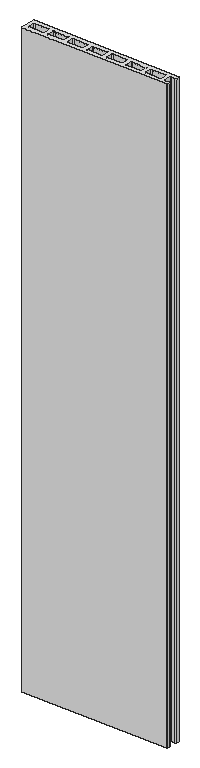
Revit family "ECP_MNH-5050A(オス側カット)", category 一般モデル, Revit 2022
Family settings
  鉄筋をホスト可能 = いいえ
  丸型コネクタ寸法 = 直径を使用
  パーツ タイプ = 標準
  作業面ベース = いいえ
  常に垂直 = はい
  ロード時にボイドで切り取り = はい
  注釈の向きを維持 = いいえ
  共有 = いいえ
  部屋計算ポイント = いいえ
Parameters (values of type "ECP_MNH-5050A")
  長さ [instance] = 2000 mm
  穴表示 = yes
  材質 = 40Msr_ECP
  既定の高さ = 0 mm
  既存長さ = 500 mm
  幅 [instance] = 490 mm
  固定寸法 = 490 mm
  厚さ = 50 mm
  オス側カット [instance] = 固定寸法 - 幅  # 0 mm
  4 オス側カット [instance] = yes
Reference planes
  plane 1 "中心(正面/背面)": y = 0
  plane 2: z = 0
  plane 3 "中心(左/右)": x = 0
  plane 4: y = -25
  plane 5: y = 25
  plane 6: z = 2000
  plane 7: x = 490
  plane 8: x = 0
Forms (mm)
  Extrusion 1, solid, material "40Msr_ECP" <- "材質", detail levels fine
    sketch origin (0, 0, 0) x (1, 0, 0) y (0, 1, 0)
      loop
        line (0, -23) -> (2, -25) -> (488, -25) -> (490, -23) -> (490, -15)
        arc (490, -15) -> (489.121, -12.879) -> (487, -12) r 3
        line (487, -12) -> (473, -12)
        arc (473, -12) -> (470.879, -11.121) -> (470, -9) r 3
        line (470, -9) -> (470, 9)
        arc (470, 9) -> (470.879, 11.121) -> (473, 12) r 3
        line (473, 12) -> (487, 12)
        arc (487, 12) -> (489.121, 12.879) -> (490, 15) r 3
        line (490, 15) -> (490, 23) -> (488, 25) -> (2, 25) -> (0, 23) -> (0, 13)
        arc (0, 13) -> (-0.879, 10.879) -> (-3, 10) r 3
        line (-3, 10) -> (-17, 10)
        arc (-17, 10) -> (-19.121, 9.121) -> (-20, 7) r 3
        line (-20, 7) -> (-20, -7)
        arc (-20, -7) -> (-19.121, -9.121) -> (-17, -10) r 3
        line (-17, -10) -> (-3, -10)
        arc (-3, -10) -> (-0.879, -10.879) -> (0, -13) r 3
        line (0, -13) -> (0, -23)
    from 0 to 2000
  Extrusion 2, void
    sketch origin (-50, 0, 0) x (1, 0, 0) y (0, 1, 0)
      loop
        line (50, -25) -> (50, 25) -> (30, 25) -> (30, -25) -> (50, -25)
    from 0 to 2000
  Extrusion 3, void
    sketch origin (-617, 0, 0) x (1, 0, 0) y (0, 1, 0)
      loop
        line (632.249, -12) -> (678.75, -12)
        arc (678.75, -12) -> (680.871, -11.121) -> (681.75, -9) r 3
        line (681.75, -9) -> (681.75, 9)
        arc (681.75, 9) -> (680.871, 11.121) -> (678.75, 12) r 3
        line (678.75, 12) -> (632.249, 12)
        arc (632.249, 12) -> (630.128, 11.121) -> (629.249, 9) r 3
        line (629.249, 9) -> (629.249, -9)
        arc (629.249, -9) -> (630.128, -11.121) -> (632.249, -12) r 3
      loop
        line (697.75, -12) -> (744.25, -12)
        arc (744.25, -12) -> (746.372, -11.121) -> (747.25, -9) r 3
        line (747.25, -9) -> (747.25, 9)
        arc (747.25, 9) -> (746.372, 11.121) -> (744.25, 12) r 3
        line (744.25, 12) -> (697.75, 12)
        arc (697.75, 12) -> (695.629, 11.121) -> (694.75, 9) r 3
        line (694.75, 9) -> (694.75, -9)
        arc (694.75, -9) -> (695.629, -11.121) -> (697.75, -12) r 3
      loop
        line (763.25, -12) -> (809.75, -12)
        arc (809.75, -12) -> (811.871, -11.121) -> (812.75, -9) r 3
        line (812.75, -9) -> (812.75, 9)
        arc (812.75, 9) -> (811.871, 11.121) -> (809.75, 12) r 3
        line (809.75, 12) -> (763.25, 12)
        arc (763.25, 12) -> (761.129, 11.121) -> (760.25, 9) r 3
        line (760.25, 9) -> (760.25, -9)
        arc (760.25, -9) -> (761.129, -11.121) -> (763.25, -12) r 3
      loop
        line (828.75, -12) -> (875.25, -12)
        arc (875.25, -12) -> (877.372, -11.121) -> (878.25, -9) r 3
        line (878.25, -9) -> (878.25, 9)
        arc (878.25, 9) -> (877.372, 11.121) -> (875.25, 12) r 3
        line (875.25, 12) -> (828.75, 12)
        arc (828.75, 12) -> (826.629, 11.121) -> (825.75, 9) r 3
        line (825.75, 9) -> (825.75, -9)
        arc (825.75, -9) -> (826.629, -11.121) -> (828.75, -12) r 3
      loop
        line (894.25, -12) -> (940.75, -12)
        arc (940.75, -12) -> (942.872, -11.121) -> (943.75, -9) r 3
        line (943.75, -9) -> (943.75, 9)
        arc (943.75, 9) -> (942.872, 11.121) -> (940.75, 12) r 3
        line (940.75, 12) -> (894.25, 12)
        arc (894.25, 12) -> (892.129, 11.121) -> (891.25, 9) r 3
        line (891.25, 9) -> (891.25, -9)
        arc (891.25, -9) -> (892.129, -11.121) -> (894.25, -12) r 3
      loop
        line (959.75, -12) -> (1006.25, -12)
        arc (1006.25, -12) -> (1008.372, -11.121) -> (1009.25, -9) r 3
        line (1009.25, -9) -> (1009.25, 9)
        arc (1009.25, 9) -> (1008.372, 11.121) -> (1006.25, 12) r 3
        line (1006.25, 12) -> (959.75, 12)
        arc (959.75, 12) -> (957.629, 11.121) -> (956.75, 9) r 3
        line (956.75, 9) -> (956.75, -9)
        arc (956.75, -9) -> (957.629, -11.121) -> (959.75, -12) r 3
      loop
        line (1025.25, -12) -> (1071.749, -12)
        arc (1071.749, -12) -> (1073.871, -11.121) -> (1074.749, -9) r 3
        line (1074.749, -9) -> (1074.749, 9)
        arc (1074.749, 9) -> (1073.871, 11.121) -> (1071.749, 12) r 3
        line (1071.749, 12) -> (1025.25, 12)
        arc (1025.25, 12) -> (1023.129, 11.121) -> (1022.25, 9) r 3
        line (1022.25, 9) -> (1022.25, -9)
        arc (1022.25, -9) -> (1023.129, -11.121) -> (1025.25, -12) r 3
    from 0 to 2000
Cuts and joins
  Extrusion 2, Extrusion 3 cuts Extrusion 1
Lines and regions (mm)
  symbolic lines, style "ECPパネル", detail levels coarse+medium
    curve 1: line (0, 25, 0) -> (490, 25, 0)
    curve 2: line (0, -25, 0) -> (0, 25, 0)
    curve 3: line (490, -25, 0) -> (0, -25, 0)
    curve 4: line (490, 25, 0) -> (490, -25, 0)
    curve 5: line (0, 0, 0) -> (490, 0, 0)
    curve 6: line (0, 0, 2000) -> (0, 0, 0)
    curve 7: line (490, 0, 2000) -> (0, 0, 2000)
    curve 8: line (490, 0, 0) -> (490, 0, 2000)
    curve 9: line (0, -25, 2000) -> (0, 25, 2000)
    curve 10: line (0, -25, 0) -> (0, -25, 2000)
    curve 11: line (0, 25, 0) -> (0, -25, 0)
    curve 12: line (0, 25, 2000) -> (0, 25, 0)
Dimensions and locks
  "厚さ": plane 4 to plane 5
  "長さ": plane 6 to level
  equal spacing: plane 4, plane 1 "中心(正面/背面)", plane 5
  "長さ": cut or joined group of Extrusion 1, Extrusion 2, Extrusion 3 to level
  "長さ": Extrusion 2 to level
  "幅": cut or joined group of Extrusion 1, Extrusion 2, Extrusion 3 to curve 8
  "長さ": level to Extrusion 3
  "固定寸法": plane 3 "中心(左/右)" to cut or joined group of Extrusion 1, Extrusion 2, Extrusion 3
  "オス側カット": plane 3 "中心(左/右)" to Extrusion 2 sketch curve
  "幅": plane 8 to plane 7
  Extrusion 2 sketch curve to plane 7 = 490 mm
  aligned and locked: level to plane 2
Automatic sketch dimensions
  curve 11 to level = 0 mm
  curve 11 to plane 4 = 0 mm
  curve 11 to plane 5 = 0 mm
  curve 10 to plane 6 = 0 mm
  curve 7 to plane 3 "中心(左/右)" = 0 mm
  curve 5 to level = 0 mm
  curve 7 to plane 6 = 0 mm
  Extrusion 1 sketch curve to plane 3 "中心(左/右)" = 0 mm  (x2)
  plane 5 to Extrusion 1 sketch curve = 0 mm
  plane 4 to Extrusion 1 sketch curve = 0 mm
  Extrusion 1 sketch curve to plane 3 "中心(左/右)" = 3 mm  (x2)
  Extrusion 1 sketch curve to Extrusion 1 sketch curve = 14 mm  (x4)
  Extrusion 1 sketch curve to Extrusion 1 sketch curve = 3 mm  (x3)
  plane 3 "中心(左/右)" to Extrusion 1 sketch curve = 2 mm  (x2)
  plane 1 "中心(正面/背面)" to Extrusion 1 sketch curve = 9 mm
  Extrusion 1 sketch curve to Extrusion 1 sketch curve = 1 mm  (x2)
  Extrusion 1 sketch curve to Extrusion 1 sketch curve = 2 mm  (x2)
  Extrusion 1 sketch curve to plane 4 = 2 mm  (x2)
  Extrusion 1 sketch curve to Extrusion 1 sketch curve = 10 mm
  Extrusion 1 sketch curve to plane 1 "中心(正面/背面)" = 7 mm
  Extrusion 1 sketch curve to plane 1 "中心(正面/背面)" = 9 mm
  plane 5 to Extrusion 1 sketch curve = 2 mm  (x2)
  plane 3 "中心(左/右)" to Extrusion 3 sketch curve = 12.249 mm
  Extrusion 3 sketch curve to Extrusion 3 sketch curve = 3 mm  (x22)
  plane 5 to Extrusion 3 sketch curve = 13 mm  (x6)
  Extrusion 3 sketch curve to Extrusion 3 sketch curve = 46.501 mm
  Extrusion 3 sketch curve to Extrusion 3 sketch curve = 0 mm  (x8)
  Extrusion 3 sketch curve to Extrusion 3 sketch curve = 13 mm  (x6)
  Extrusion 3 sketch curve to Extrusion 3 sketch curve = 46.5 mm  (x5)
  Extrusion 3 sketch curve to Extrusion 3 sketch curve = 46.499 mm
  plane 1 "中心(正面/背面)" to Extrusion 3 sketch curve = 9 mm  (x6)
  Extrusion 1 sketch curve to Extrusion 1 sketch curve = 468 mm
  plane 4 to curve 2 = 0 mm
  curve 2 to plane 8 = 0 mm
  curve 4 to plane 7 = 0 mm
  plane 5 to curve 1 = 0 mm
  plane 4 to Extrusion 2 sketch curve = 0 mm
  plane 5 to Extrusion 2 sketch curve = 0 mm
  Extrusion 2 sketch curve to plane 3 "中心(左/右)" = 20 mm
